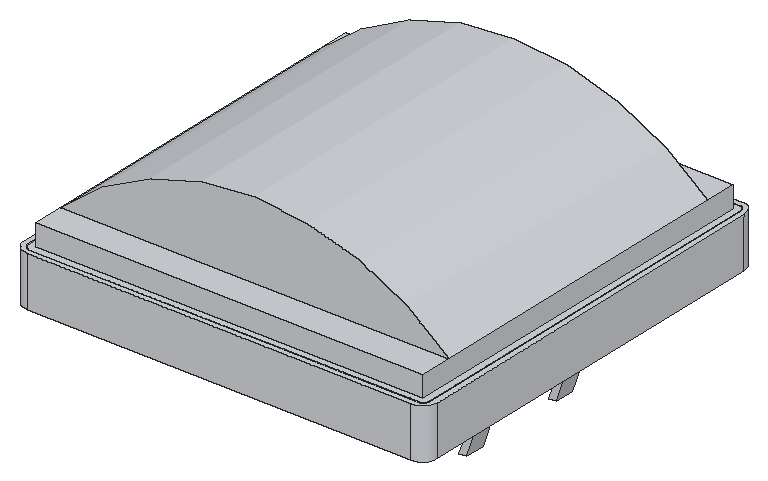
Revit family "Gira_537427", category Electrical Fixtures, host Face, Revit 2017
Family settings
  Host = Face
  Maintain Annotation Orientation = Yes
  Round Connector Dimension = Use Diameter
  Part Type = Normal
  Cut with Voids When Loaded = No
  Shared = No
  Room Calculation Point = No
Parameters (values of type "S3000 Beweg.m.aufs. 1,10 m Komfort BT System 55 Reinweiß m")
  Werkstoffgüte = "sonstige"
  Werkstoff = "sonstige"
  Vernetzbar = "Yes"
  Unterkriechschutz/Rückfeldüberwachung = "No"
  URL = "http://katalog.gira.de/de_DE/datenblatt.html?artikelnr=537427"
  Treppenhausüberwachung = "Yes"
  Tierschneise = "Yes"
  Teach-Funktion für Ansprechhelligkeit = "No"
  Region = "DE"
  RAL-Nummer (ähnlich) = "9010 "
  Name = "S3000 Beweg.m.aufs. 1,10 m Komfort BT System 55 Reinweiß m"
  Montagehöhe = "1,1 m"
  Montageart = "unter Putz"
  Min. Einschaltdauer = "10 s"
  Max. Reichweite zu einer Seite = "6 m"
  Max. Reichweite frontal = "10 m"
  Max. Einschaltdauer = "1800 s"
  Manufacturer URL = "https://www.gira.de/"
  Konstantlichtregelung = "No"
  Keynote = "Bewegungsmelder_1,10m"
  HeinzeBIM = "https://bimportal.heinze.de/bim/s3000-beweg-m-aufs-1-10-m-komfort-bt-system-55-reinweiss-m/6b08c9b3139eff4e4062006081c45c3cd20a9d24"
  Halogenfrei = "Yes"
  HLK-Ansteuerung = "No"
  HAN = "537427"
  Geeignet für drahtlose Übertragung = "No"
  Geeignet für Schutzart (IP) = "IP20"
  GTIN = "4010337049517"
  Farbe = "weiß"
  Erfassungswinkel horizontal = "1 - 180"
  Default Elevation = 1219.2 mm
  Data sheet (1) = "https://katalog.gira.de/de_DE/download.html?artikelnr=537427"
  Category = "Bewegungsmelder-Sensor"
  Available = "Yes"
  Ausführung = "Bewegungsmelder"
  Ansprechhelligkeit einstellbar = "No"
  Ansprechempfindlichkeit einstellbar = "Yes"
  Abdimmfunktion mit Dimmeinsatz = "No"
Reference planes
  plane 1 "Center (Front/Back)": y = 0
  plane 2: z = 0
  plane 3 "Center (Left/Right)": x = 0
Forms (mm)
  Extrusion 1, solid, detail levels fine
    sketch origin (0, 0, 0) x (1, 0, 0) y (0, 0, 1)
      loop
        line (-33.025, 12.126) -> (33.025, 12.126)
        arc (33.025, 12.126) -> (0, 25.3) -> (-33.025, 12.126) r 47.982
    from -27.6 to 27.6
  Extrusion 2, solid, detail levels fine
    sketch origin (0, 0, 0) x (1, 0, 0) y (0, 1, 0)
      loop
        line (33.025, 33.025) -> (-33.025, 33.025) -> (-33.025, -33.025) -> (33.025, -33.025) -> (33.025, 33.025)
    from 8.55 to 12.126
  Extrusion 3, solid, detail levels fine
    sketch origin (0, 0, 0) x (1, 0, 0) y (0, 1, 0)
      loop
        spline (-32.7, 35.2) -> (-33.027, 35.179) -> (-33.347, 35.115) -> (-33.657, 35.01) -> (-33.95, 34.865) -> (-34.222, 34.683) -> (-34.468, 34.468) -> (-34.683, 34.222) -> (-34.865, 33.95) -> (-35.01, 33.657) -> (-35.115, 33.347) -> (-35.179, 33.027) -> (-35.2, 32.7)
        line (-35.2, 32.7) -> (-35.2, -32.7)
        spline (-35.2, -32.7) -> (-35.179, -33.027) -> (-35.115, -33.347) -> (-35.01, -33.657) -> (-34.865, -33.95) -> (-34.683, -34.222) -> (-34.468, -34.468) -> (-34.222, -34.683) -> (-33.95, -34.865) -> (-33.657, -35.01) -> (-33.347, -35.115) -> (-33.027, -35.179) -> (-32.7, -35.2)
        line (-32.7, -35.2) -> (32.7, -35.2)
        spline (32.7, -35.2) -> (33.027, -35.179) -> (33.347, -35.115) -> (33.657, -35.01) -> (33.95, -34.865) -> (34.222, -34.683) -> (34.468, -34.468) -> (34.683, -34.222) -> (34.865, -33.95) -> (35.01, -33.657) -> (35.115, -33.347) -> (35.179, -33.027) -> (35.2, -32.7)
        line (35.2, -32.7) -> (35.2, 32.7)
        spline (35.2, 32.7) -> (35.179, 33.027) -> (35.115, 33.347) -> (35.01, 33.657) -> (34.865, 33.95) -> (34.683, 34.222) -> (34.468, 34.468) -> (34.222, 34.683) -> (33.95, 34.865) -> (33.657, 35.01) -> (33.347, 35.115) -> (33.027, 35.179) -> (32.7, 35.2)
        line (32.7, 35.2) -> (-32.7, 35.2)
      loop
        line (-34.2, 33.2) -> (-34.2, -33.2)
        spline (-34.2, -33.2) -> (-34.191, -33.331) -> (-34.166, -33.459) -> (-34.124, -33.583) -> (-34.066, -33.7) -> (-33.993, -33.809) -> (-33.907, -33.907) -> (-33.809, -33.993) -> (-33.7, -34.066) -> (-33.583, -34.124) -> (-33.459, -34.166) -> (-33.331, -34.191) -> (-33.2, -34.2)
        line (-33.2, -34.2) -> (33.2, -34.2)
        spline (33.2, -34.2) -> (33.331, -34.191) -> (33.459, -34.166) -> (33.583, -34.124) -> (33.7, -34.066) -> (33.809, -33.993) -> (33.907, -33.907) -> (33.993, -33.809) -> (34.066, -33.7) -> (34.124, -33.583) -> (34.166, -33.459) -> (34.191, -33.331) -> (34.2, -33.2)
        line (34.2, -33.2) -> (34.2, 33.2)
        spline (34.2, 33.2) -> (34.191, 33.331) -> (34.166, 33.459) -> (34.124, 33.583) -> (34.066, 33.7) -> (33.993, 33.809) -> (33.907, 33.907) -> (33.809, 33.993) -> (33.7, 34.066) -> (33.583, 34.124) -> (33.459, 34.166) -> (33.331, 34.191) -> (33.2, 34.2)
        line (33.2, 34.2) -> (-33.2, 34.2)
        spline (-33.2, 34.2) -> (-33.331, 34.191) -> (-33.459, 34.166) -> (-33.583, 34.124) -> (-33.7, 34.066) -> (-33.809, 33.993) -> (-33.907, 33.907) -> (-33.993, 33.809) -> (-34.066, 33.7) -> (-34.124, 33.583) -> (-34.166, 33.459) -> (-34.191, 33.331) -> (-34.2, 33.2)
    from 0 to 8.55
  Extrusion 4, solid, detail levels fine
    sketch origin (0, 0, 0) x (1, 0, 0) y (0, 1, 0)
      loop
        line (-34.2, 33.2) -> (-34.2, -33.2)
        spline (-34.2, -33.2) -> (-34.191, -33.331) -> (-34.166, -33.459) -> (-34.124, -33.583) -> (-34.066, -33.7) -> (-33.993, -33.809) -> (-33.907, -33.907) -> (-33.809, -33.993) -> (-33.7, -34.066) -> (-33.583, -34.124) -> (-33.459, -34.166) -> (-33.331, -34.191) -> (-33.2, -34.2)
        line (-33.2, -34.2) -> (33.2, -34.2)
        spline (33.2, -34.2) -> (33.331, -34.191) -> (33.459, -34.166) -> (33.583, -34.124) -> (33.7, -34.066) -> (33.809, -33.993) -> (33.907, -33.907) -> (33.993, -33.809) -> (34.066, -33.7) -> (34.124, -33.583) -> (34.166, -33.459) -> (34.191, -33.331) -> (34.2, -33.2)
        line (34.2, -33.2) -> (34.2, 33.2)
        spline (34.2, 33.2) -> (34.191, 33.331) -> (34.166, 33.459) -> (34.124, 33.583) -> (34.066, 33.7) -> (33.993, 33.809) -> (33.907, 33.907) -> (33.809, 33.993) -> (33.7, 34.066) -> (33.583, 34.124) -> (33.459, 34.166) -> (33.331, 34.191) -> (33.2, 34.2)
        line (33.2, 34.2) -> (-33.2, 34.2)
        spline (-33.2, 34.2) -> (-33.331, 34.191) -> (-33.459, 34.166) -> (-33.583, 34.124) -> (-33.7, 34.066) -> (-33.809, 33.993) -> (-33.907, 33.907) -> (-33.993, 33.809) -> (-34.066, 33.7) -> (-34.124, 33.583) -> (-34.166, 33.459) -> (-34.191, 33.331) -> (-34.2, 33.2)
    from 6.175 to 8.55
  Extrusion 5, solid, detail levels fine
    sketch origin (0, 0, 0) x (1, 0, 0) y (0, 1, 0)
      loop
        spline (-27.7, -27.1) -> (-27.696, -27.165) -> (-27.683, -27.229) -> (-27.662, -27.291) -> (-27.633, -27.35) -> (-27.597, -27.404) -> (-27.554, -27.454) -> (-27.504, -27.497) -> (-27.45, -27.533) -> (-27.391, -27.562) -> (-27.329, -27.583) -> (-27.265, -27.596) -> (-27.2, -27.6)
        line (-27.2, -27.6) -> (27.2, -27.6)
        spline (27.2, -27.6) -> (27.265, -27.596) -> (27.329, -27.583) -> (27.391, -27.562) -> (27.45, -27.533) -> (27.504, -27.497) -> (27.554, -27.454) -> (27.597, -27.404) -> (27.633, -27.35) -> (27.662, -27.291) -> (27.683, -27.229) -> (27.696, -27.165) -> (27.7, -27.1)
        line (27.7, -27.1) -> (27.7, 27.1)
        spline (27.7, 27.1) -> (27.696, 27.165) -> (27.683, 27.229) -> (27.662, 27.291) -> (27.633, 27.35) -> (27.597, 27.404) -> (27.554, 27.454) -> (27.504, 27.497) -> (27.45, 27.533) -> (27.391, 27.562) -> (27.329, 27.583) -> (27.265, 27.596) -> (27.2, 27.6)
        line (27.2, 27.6) -> (-27.2, 27.6)
        spline (-27.2, 27.6) -> (-27.265, 27.596) -> (-27.329, 27.583) -> (-27.391, 27.562) -> (-27.45, 27.533) -> (-27.504, 27.497) -> (-27.554, 27.454) -> (-27.597, 27.404) -> (-27.633, 27.35) -> (-27.662, 27.291) -> (-27.683, 27.229) -> (-27.696, 27.165) -> (-27.7, 27.1)
        line (-27.7, 27.1) -> (-27.7, -27.1)
      loop
        line (26.9, 26.8) -> (-26.9, 26.8) -> (-26.9, -26.8) -> (26.9, -26.8) -> (26.9, 26.8)
    from 0 to 6.175
  Extrusion 6, solid, detail levels fine
    sketch origin (0, 0, 0) x (1, 0, 0) y (0, 1, 0)
      loop
        line (-15.4, -23.928) -> (15.4, -23.928)
        arc (15.4, -23.928) -> (21.43, -21.43) -> (23.928, -15.4) r 8.528
        line (23.928, -15.4) -> (23.928, 15.4)
        arc (23.928, 15.4) -> (21.43, 21.43) -> (15.4, 23.928) r 8.528
        line (15.4, 23.928) -> (-15.4, 23.928)
        arc (-15.4, 23.928) -> (-21.43, 21.43) -> (-23.928, 15.4) r 8.528
        line (-23.928, 15.4) -> (-23.928, -15.4)
        arc (-23.928, -15.4) -> (-21.43, -21.43) -> (-15.4, -23.928) r 8.528
    from -0.985 to 1.6
  Extrusion 7, solid, detail levels fine
    sketch origin (0, 0, 0) x (1, 0, 0) y (0, 1, 0)
      loop
        line (-26.35, 18.301) -> (-26.35, -18.801)
        spline (-26.35, -18.801) -> (-26.286, -19.78) -> (-26.095, -20.742) -> (-25.779, -21.671) -> (-25.345, -22.551) -> (-24.8, -23.366) -> (-24.154, -24.104) -> (-23.416, -24.75) -> (-22.601, -25.295) -> (-21.721, -25.729) -> (-20.792, -26.045) -> (-19.83, -26.236) -> (-18.851, -26.3)
        line (-18.851, -26.3) -> (18.851, -26.3)
        spline (18.851, -26.3) -> (19.83, -26.236) -> (20.792, -26.045) -> (21.721, -25.729) -> (22.601, -25.295) -> (23.416, -24.75) -> (24.154, -24.104) -> (24.8, -23.366) -> (25.345, -22.551) -> (25.779, -21.671) -> (26.094, -20.742) -> (26.286, -19.78) -> (26.35, -18.801)
        line (26.35, -18.801) -> (26.35, 18.301)
        spline (26.35, 18.301) -> (26.286, 19.28) -> (26.094, 20.242) -> (25.779, 21.171) -> (25.345, 22.051) -> (24.8, 22.866) -> (24.154, 23.604) -> (23.416, 24.25) -> (22.601, 24.795) -> (21.721, 25.229) -> (20.792, 25.545) -> (19.83, 25.736) -> (18.851, 25.8)
        line (18.851, 25.8) -> (-18.851, 25.8)
        spline (-18.851, 25.8) -> (-19.83, 25.736) -> (-20.792, 25.545) -> (-21.721, 25.229) -> (-22.601, 24.795) -> (-23.416, 24.25) -> (-24.154, 23.604) -> (-24.8, 22.866) -> (-25.345, 22.051) -> (-25.779, 21.171) -> (-26.095, 20.242) -> (-26.286, 19.28) -> (-26.35, 18.301)
    from 1.6 to 6.1
  Extrusion 8, solid, detail levels fine
    sketch origin (0, 0, 0) x (1, 0, 0) y (0, 0, 1)
      loop
        line (-23.048, -13.343) -> (-21.665, -13.513) -> (-24.338, -6.363) -> (-23.36, 1.6) -> (-25.023, 1.6) -> (-24.975, -1.121) -> (-25.39, -6.541) -> (-23.048, -13.343)
      loop
        line (23.048, -13.343) -> (25.39, -6.541) -> (24.975, -1.121) -> (25.023, 1.6) -> (23.36, 1.6) -> (24.338, -6.363) -> (21.665, -13.513) -> (23.048, -13.343)
    from 7.9 to 11.14
  Extrusion 9, solid, detail levels fine
    sketch origin (0, 0, 0) x (1, 0, 0) y (0, 0, -1)
      loop
        line (-23.048, 13.343) -> (-25.39, 6.541) -> (-24.975, 1.121) -> (-25.023, -1.6) -> (-23.36, -1.6) -> (-24.338, 6.363) -> (-21.665, 13.513) -> (-23.048, 13.343)
      loop
        line (23.048, 13.343) -> (21.665, 13.513) -> (24.338, 6.363) -> (23.36, -1.6) -> (25.023, -1.6) -> (24.975, 1.121) -> (25.39, 6.541) -> (23.048, 13.343)
    from 7.9 to 11.14
  Extrusion 10, solid, detail levels fine
    sketch origin (0, 0, 0) x (1, 0, 0) y (0, 1, 0)
      loop
        line (-5.141, 20.681) -> (-5.141, 15.099)
        spline (-5.141, 15.099) -> (-5.133, 14.968) -> (-5.107, 14.84) -> (-5.065, 14.716) -> (-5.007, 14.599) -> (-4.935, 14.49) -> (-4.849, 14.391) -> (-4.75, 14.305) -> (-4.641, 14.233) -> (-4.524, 14.175) -> (-4.4, 14.133) -> (-4.272, 14.107) -> (-4.141, 14.099)
        line (-4.141, 14.099) -> (4.141, 14.099)
        spline (4.141, 14.099) -> (4.272, 14.107) -> (4.4, 14.133) -> (4.524, 14.175) -> (4.641, 14.233) -> (4.75, 14.305) -> (4.849, 14.391) -> (4.935, 14.49) -> (5.007, 14.599) -> (5.065, 14.716) -> (5.107, 14.84) -> (5.133, 14.968) -> (5.141, 15.099)
        line (5.141, 15.099) -> (5.141, 20.681)
        spline (5.141, 20.681) -> (5.133, 20.812) -> (5.107, 20.94) -> (5.065, 21.064) -> (5.007, 21.181) -> (4.935, 21.29) -> (4.849, 21.389) -> (4.75, 21.475) -> (4.641, 21.547) -> (4.524, 21.605) -> (4.4, 21.647) -> (4.272, 21.673) -> (4.141, 21.681)
        line (4.141, 21.681) -> (-4.141, 21.681)
        spline (-4.141, 21.681) -> (-4.272, 21.673) -> (-4.4, 21.647) -> (-4.524, 21.605) -> (-4.641, 21.547) -> (-4.75, 21.475) -> (-4.849, 21.389) -> (-4.935, 21.29) -> (-5.007, 21.181) -> (-5.065, 21.064) -> (-5.107, 20.94) -> (-5.133, 20.812) -> (-5.141, 20.681)
    from -17.3 to -0.985
  Extrusion 11, solid, detail levels medium
    sketch origin (0, 0, 0) x (1, 0, 0) y (0, 1, 0)
      loop
        line (33.025, 33.025) -> (-33.025, 33.025) -> (-33.025, -33.025) -> (33.025, -33.025) -> (33.025, 33.025)
    from 8.55 to 25.3
  Extrusion 12, solid, detail levels medium
    sketch origin (0, 0, 0) x (1, 0, 0) y (0, 1, 0)
      loop
        line (-35.2, 35.2) -> (-35.2, -35.2) -> (35.2, -35.2) -> (35.2, 35.2) -> (-35.2, 35.2)
    from 0 to 8.55
  Extrusion 13, solid, detail levels medium
    sketch origin (0, 0, 0) x (1, 0, 0) y (0, 0, 1)
      loop
        line (-25.023, 1.6) -> (-25.023, -13.1) -> (-21.665, -13.513) -> (-21.665, 1.6) -> (-25.023, 1.6)
      loop
        line (25.023, 1.6) -> (21.665, 1.6) -> (21.665, -13.513) -> (25.023, -13.1) -> (25.023, 1.6)
    from 8 to 11.14
  Extrusion 14, solid, detail levels medium
    sketch origin (0, 0, 0) x (1, 0, 0) y (0, 0, -1)
      loop
        line (-25.023, -1.6) -> (-21.665, -1.6) -> (-21.665, 13.513) -> (-25.023, 13.1) -> (-25.023, -1.6)
      loop
        line (25.023, -1.6) -> (25.023, 13.1) -> (21.665, 13.513) -> (21.665, -1.6) -> (25.023, -1.6)
    from 8 to 11.14
  Extrusion 15, solid, detail levels medium
    sketch origin (0, 0, 0) x (1, 0, 0) y (0, 1, 0)
      loop
        line (-5.141, 21.681) -> (-5.141, 14.099) -> (5.141, 14.099) -> (5.141, 21.681) -> (-5.141, 21.681)
    from -17.3 to -0.985
  Extrusion 16, solid, detail levels coarse
    sketch origin (0, 0, 0) x (1, 0, 0) y (0, 1, 0)
      loop
        line (-35.2, 35.2) -> (-35.2, -35.2) -> (35.2, -35.2) -> (35.2, 35.2) -> (-35.2, 35.2)
    from -17.3 to 25.3
Dimensions and locks
  aligned and locked: plane 2 to host face
  aligned and locked: level to host face
  aligned and locked: nested 1 to plane 3 "Center (Left/Right)"
  aligned and locked: plane 1 "Center (Front/Back)" to nested 1
Nested families
  nested 1: "Belegungssensor - Bewegung - Aufputz - Beschriftung" at (0, 0, 0) x (0, -1, 0) z (0, 0, 1), type "Belegungssensor - Bewegung - Aufputz - Beschriftung"
Connectors
  electrical at (0, 0, -17.3)
    settings: on Extrusion 16, index 1, voltage 220 V, apparent load 0 VA, apparent load phase1 0 VA, apparent load phase2 0 VA, apparent load phase3 0 VA, power factor 1, load classification "Other", number of poles 1, system type 30, power factor state 1, is connector primary yes, connector utility no, sub classification motor no, connector description ""
Definition of nested family "Belegungssensor - Bewegung - Aufputz - Beschriftung"
  Reference planes
    plane 1: y = 0
    plane 2: x = 0
  Lines and regions (mm)
    Filled region 1, type "Gefüllter Bereich 1"
      outline origin (143.425, -20.712, 0) x (1, 0, 0) y (0, 1, 0)
        loop
          line (-148.697, 21.204) -> (-148.697, 20.409) -> (-147.583, 20.807) -> (-148.697, 21.204)
    Filled region 2, type "Gefüllter Bereich 1"
      outline origin (141.808, 30.001, 0) x (0.939693, 0.34202, 0) y (-0.34202, 0.939693, 0)
        loop
          line (-148.694, 21.203) -> (-148.694, 20.41) -> (-147.583, 20.807) -> (-148.694, 21.203)
    Filled region 3, type "Gefüllter Bereich 1"
      outline origin (141.819, -29.825, 0) x (-0.34202, -0.939693, 0) y (0.939693, -0.34202, 0)
        loop
          line (21.204, -148.697) -> (20.807, -147.583) -> (20.409, -148.697) -> (21.204, -148.697)
    detail lines
      curve 1: line (-1.207, 0.095, 0) -> (-3.486, 1.411, 0)
      curve 2: line (-1.207, 0.095, 0) -> (-3.486, -1.221, 0)
      curve 5: arc (-3.252, 1.752, 0) -> (-3.839, 0.095, 0) -> (-3.252, -1.562, 0) r 2.632
      curve 6: line (-6, 3, 0) -> (0, 3, 0)
      curve 7: line (-6, -3, 0) -> (-6, 3, 0)
      curve 8: line (0, -3, 0) -> (-6, -3, 0)
      curve 9: line (0, 3, 0) -> (0, -3, 0)
    reference lines
      curve 3: line (-1.207, 0.095, 0) -> (-3.616, 2.046, 0)
      curve 4: line (-1.207, 0.095, 0) -> (-3.616, -1.856, 0)
  Dimensions and locks
    curve 1 to curve 1 = 2.632 mm
    curve 2 to curve 2 = 2.632 mm
    curve 6 to curve 8 = 6 mm
    curve 7 to curve 9 = 6 mm
    angle curve 1 to curve 2 = 60.00°
    aligned and locked: curve 6 to curve 7
    aligned and locked: curve 9 to curve 9
